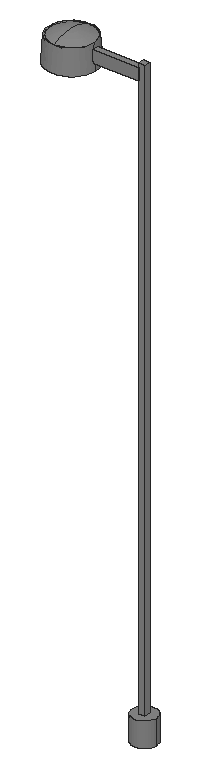
Revit family
Parameters (values of type "400 watt Halogen")
  Wattage = 48.4712 W
  built-in parameter 1150110 = 1 (stored number, unit not read)
  built-in parameter 1114217 = 1 (stored number, unit not read)
  built-in parameter 1150109 = 1 (stored number, unit not read)
  built-in parameter 1150134 = 3
  built-in parameter 1150113 = 1 (stored number, unit not read)
  Material = Metal - Paint Finish - Dark Gray,Matte
  built-in parameter 1150105 = 572.96 (stored number, unit not read)
  built-in parameter 1150115 = 1 (stored number, unit not read)
  Light Source Symbol Size = 609.60 mm
  built-in parameter 1150137 = (empty or 0)
  built-in parameter 1150139 = (empty or 0)
  built-in parameter 1150112 = 1 (stored number, unit not read)
  built-in parameter 1150114 = 1 (stored number, unit not read)
  built-in parameter 1150132 = 2
  built-in parameter 1150102 = (empty or 0)
  built-in parameter 1150107 = 3200 (stored number, unit not read)
  built-in parameter 1150138 = (empty or 0)
  built-in parameter 1150106 = 5.7296 (stored number, unit not read)
  Height = 7620.00 mm
  Lamp = "T-4"
  Lumens = 7200 lm
  Wattage Comments = "400"
  built-in parameter 1150104 = 13.8 (stored number, unit not read)
  Dimming Lamp Color Temperature Shift = (empty or 0)
  Color Filter = 16777215
  built-in parameter 1114218 = 1 (stored number, unit not read)
  built-in parameter 1150133 = 10 (stored number, unit not read)
Types (4, lengths in mm): name | Wattage | built-in parameter 1150105 | built-in parameter 1150106 | Lamp | Lumens | Wattage Comments
  (no name) | 48.4712 W | 572.96 (stored number, unit not read) | 5.7296 (stored number, unit not read) | "T-4" | 7200 lm | "400"
  400 watt Halogen | 48.4712 W | 572.96 (stored number, unit not read) | 5.7296 (stored number, unit not read) | "T-4" | 7200 lm | "400"
  250 watt Sodium | 151.472 W | 1790.5 (stored number, unit not read) | 17.905 (stored number, unit not read) | "E-18" | 22500 lm | "250"
  250 watt Halogen | 30.2945 W | 358.1 (stored number, unit not read) | 3.581 (stored number, unit not read) | "T-4" | 4500 lm | "250"
Reference planes
  plane 1 "Light Source Axis": y = 0
  plane 2: z = 0
  plane 3 "Center": x = 0
  plane 4: z = 7620
  plane 5 "Light Source Elevation": z = 7315.2
  plane 6: z = 304.8
  plane 7 "Light Source Axis": x = -914.4
  plane 8 "Top": z = 7569.2
  plane 9: z = 7416.8
  plane 10: y = 0
  plane 11: y = 0
Forms (mm)
  Extrusion 1, solid, material "Metal - Paint Finish - Dark Gray,Matte" <- "Material"
    sketch origin (0, 0, 0) x (1, 0, 0) y (0, 1, 0)
      loop
        circle (0, 0) r 152.4
    from 0 to 304.8
  Extrusion 2, solid, material "Metal - Paint Finish - Dark Gray,Matte" <- "Material"
    sketch origin (0, 0, 0) x (1, 0, 0) y (0, 1, 0)
      loop
        line (-38.1, 38.1) -> (-38.1, -38.1) -> (38.1, -38.1) -> (38.1, 38.1) -> (-38.1, 38.1)
    from 304.8 to 7620
  Extrusion 3, solid, material "Metal - Paint Finish - Dark Gray,Matte" <- "Material"
    sketch origin (0, 0, 0) x (1, 0, 0) y (0, 1, 0)
      loop
        line (-38.1, 38.1) -> (-914.4, 38.1) -> (-914.4, -38.1) -> (-38.1, -38.1) -> (-38.1, 38.1)
    from 7416.8 to 7569.2
  Blend 4, solid, material "Metal - Paint Finish - Dark Gray,Matte" <- "Material"
    base sketch origin (0, 0, 0) x (1, 0, 0) y (0, 1, 0)
      loop
        circle (-914.4, 0) r 304.8
    top sketch origin (0, 0, 0) x (1, 0, 0) y (0, 1, 0)
      loop
        circle (-914.4, 0) r 279.4
    from 7315.2 to 7620
  Revolve 5, solid, material "Glass - Frosted"
    sketch origin (-914.4, 0, 0) x (0, 0, -1) y (0, -1, 0)
      loop
        arc (-7315.2, -266.7) -> (-7264.968, -137.236) -> (-7243.738, 0) r 642.256
        line (-7243.738, 0) -> (-7256.438, 0) -> (-7315.2, -228.633) -> (-7315.2, -266.7)
      axis (-7315.2, 0) -> (-7243.738, 0)
    angle from 0 to 360
  Revolve 6, solid, material "Metal - Paint Finish - Dark Gray,Matte" <- "Material"
    sketch origin (-914.4, 0, 14935.2) x (0, 0, 1) y (0, 1, 0)
      loop
        line (-7315.2, 266.7) -> (-7315.2, 228.633) -> (-7256.438, 0) -> (-7243.738, 0)
        arc (-7243.738, 0) -> (-7264.968, 137.236) -> (-7315.2, 266.7) r 642.256
      axis (-7315.2, 0) -> (-7243.738, 0)
    angle from 0 to 360
Lines and regions (mm)
  symbolic lines, style "Exterior"
    curve 1: arc (152.4, 0, 0) -> (0, 152.4, 0) -> (-152.4, 0, 0) r 152.4
    curve 2: arc (-152.4, 0, 0) -> (0, -152.4, 0) -> (152.4, 0, 0) r 152.4
    curve 3: arc (12.7, 0, 0) -> (0, 12.7, 0) -> (-12.7, 0, 0) r 12.7
    curve 4: arc (-12.7, 0, 0) -> (0, -12.7, 0) -> (12.7, 0, 0) r 12.7
    curve 5: arc (152.4, 0, 0) -> (0, 152.4, 0) -> (-152.4, 0, 0) r 152.4
    curve 6: arc (-152.4, 0, 0) -> (0, -152.4, 0) -> (152.4, 0, 0) r 152.4
    curve 7: line (38.1, 38.1, 0) -> (-611.949, 38.1, 0)
    curve 8: line (38.1, -38.1, 0) -> (38.1, 38.1, 0)
    curve 9: line (-611.949, -38.1, 0) -> (38.1, -38.1, 0)
    curve 10: line (-914.4, 38.1, 0) -> (-914.4, -38.1, 0)
    curve 11: arc (-611.949, 38.1, 0) -> (-933.487, 304.243, 0) -> (-1219.241, 0, 0) r 304.841
    curve 12: arc (-1219.241, 0, 0) -> (-933.487, -304.243, 0) -> (-611.949, -38.1, 0) r 304.841
    curve 13: arc (-634.935, 0, 0) -> (-914.4, 279.465, 0) -> (-1193.865, 0, 0) r 279.465
    curve 14: arc (-1193.865, 0, 0) -> (-914.4, -279.465, 0) -> (-634.935, 0, 0) r 279.465
Dimensions and locks
  "Height": plane 4 to plane 2
  plane 7 "Light Source Axis" to plane 3 "Center" = 914.40 mm
  locked: plane 4 to plane 8 "Top" at 50.8
  locked: plane 8 "Top" to plane 9 at 152.4
  locked: plane 9 to plane 5 "Light Source Elevation" at 101.6
  aligned and locked: Extrusion 2 to Extrusion 1
  aligned and locked: Extrusion 2 to plane 4
  aligned and locked: Extrusion 3 sketch curve to Extrusion 2  (x2)
  aligned and locked: plane 7 "Light Source Axis" to Extrusion 3 sketch curve
  aligned and locked: plane 9 to Extrusion 3
  aligned and locked: plane 5 "Light Source Elevation" to Blend 4
  aligned and locked: Blend 4 to plane 4
  aligned and locked: Extrusion 3 to plane 8 "Top"
  aligned and locked: plane 7 "Light Source Axis" to curve 10
  aligned and locked: plane 7 "Light Source Axis" to imposter light
  aligned and locked: plane 1 "Light Source Axis" to imposter light
  aligned and locked: plane 5 "Light Source Elevation" to imposter light
Automatic sketch dimensions
  Extrusion 1 sketch curve to plane 1 "Light Source Axis" = 0.00 mm
  Extrusion 1 sketch curve to plane 3 "Center" = 0.00 mm
  Extrusion 1 sketch curve to plane 3 "Center" = 152.40 mm
  plane 3 "Center" to Extrusion 2 sketch curve = 38.10 mm
  plane 1 "Light Source Axis" to Extrusion 2 sketch curve = 38.10 mm
  Extrusion 2 sketch curve to plane 1 "Light Source Axis" = 38.10 mm
  Extrusion 2 sketch curve to plane 3 "Center" = 38.10 mm
  plane 1 "Light Source Axis" to Extrusion 3 sketch curve = 38.10 mm
  Blend 4 sketch curve to plane 1 "Light Source Axis" = 0.00 mm  (x2)
  Blend 4 sketch curve to plane 7 "Light Source Axis" = 0.00 mm  (x2)
  Blend 4 sketch curve to Blend 4 sketch curve = 304.80 mm
  Blend 4 sketch curve to Blend 4 sketch curve = 279.40 mm
  Revolve 5 sketch curve to plane 1 "Light Source Axis" = 0.00 mm  (x2)
  Revolve 5 sketch curve to plane 5 "Light Source Elevation" = 0.00 mm  (x2)
  plane 9 to Revolve 5 sketch curve = 25.40 mm
  plane 1 "Light Source Axis" to Revolve 5 sketch curve = 28.992 mm
  Revolve 5 sketch curve to plane 4 = 265.339 mm
  plane 5 "Light Source Elevation" to Revolve 5 sketch curve = 58.762 mm
  Revolve 5 sketch curve to Revolve 5 sketch curve = 12.70 mm
  Revolve 5 sketch curve to Revolve 5 sketch curve = 38.067 mm
  Revolve 6 sketch curve to plane 1 "Light Source Axis" = 0.00 mm  (x2)
  plane 5 "Light Source Elevation" to Revolve 6 sketch curve = 265.339 mm
  plane 4 to Revolve 6 sketch curve = 76.20 mm
  Revolve 6 sketch curve to Revolve 6 sketch curve = 76.20 mm
  Revolve 6 sketch curve to plane 4 = 0.00 mm
  Revolve 6 sketch curve to Revolve 6 sketch curve = 58.762 mm
  Revolve 6 sketch curve to Revolve 6 sketch curve = 12.70 mm
  plane 1 "Light Source Axis" to Revolve 6 sketch curve = 28.992 mm
  Revolve 6 sketch curve to Revolve 6 sketch curve = 38.067 mm
  curve 12 to plane 1 "Light Source Axis" = 0.00 mm
  curve 14 to plane 1 "Light Source Axis" = 0.00 mm
  curve 11 to plane 7 "Light Source Axis" = 0.00 mm
  curve 14 to plane 7 "Light Source Axis" = 0.00 mm
  curve 5 to plane 1 "Light Source Axis" = 0.00 mm
  curve 2 to plane 1 "Light Source Axis" = 0.00 mm
  curve 4 to plane 1 "Light Source Axis" = 0.00 mm
  curve 5 to plane 3 "Center" = 0.00 mm
  curve 4 to plane 3 "Center" = 0.00 mm
  curve 1 to plane 3 "Center" = 0.00 mm
  curve 11 to curve 13 = 25.376 mm
  curve 5 to plane 3 "Center" = 152.40 mm
  curve 2 to curve 6 = 0.00 mm
  curve 4 to plane 3 "Center" = 12.70 mm
  plane 3 "Center" to curve 7 = 38.10 mm
  plane 1 "Light Source Axis" to curve 8 = 38.10 mm
  curve 12 to plane 7 "Light Source Axis" = 0.00 mm
  curve 7 to curve 12 = 0.00 mm
  curve 10 to plane 1 "Light Source Axis" = 38.10 mm
  plane 7 "Light Source Axis" to curve 14 = 279.465 mm
  plane 1 "Light Source Axis" to curve 10 = 38.10 mm
